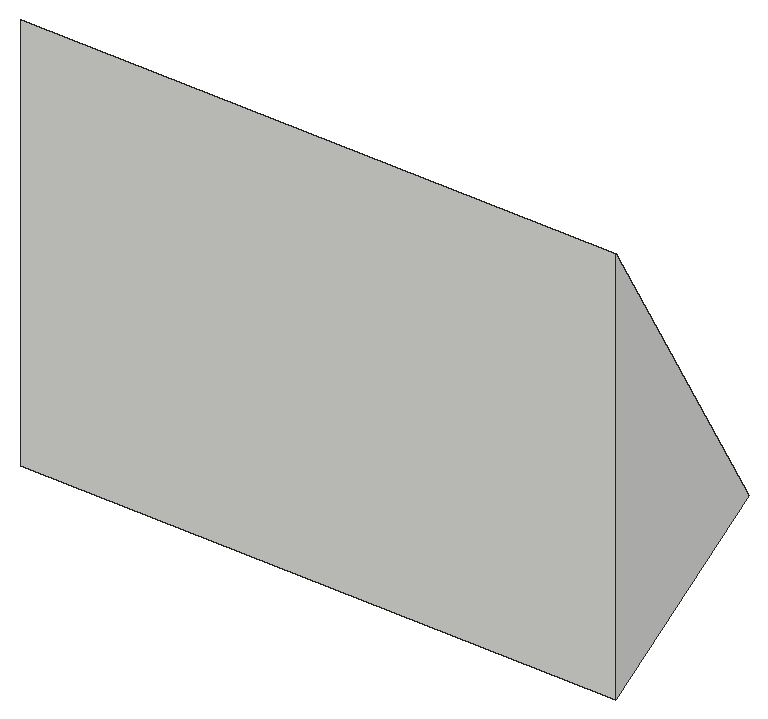
Revit family "TM92931A Triangle ER-AP LED stål Alog_Vegg", category Lighting Fixtures, Revit 2016
Family settings
  Part Type = Normal
  Round Connector Dimension = Use Diameter
  OmniClass Number = 23.80.70.11.21
  OmniClass Title = Emergency Lighting
  Work Plane-Based = No
  Always vertical = Yes
  Cut with Voids When Loaded = No
  Light Source = Yes
  Shared = No
  Room Calculation Point = No
Parameters (values of type "Ledelys")
  Wattage = 9.2903 W
  built-in parameter 1150110 = 1 (stored number, unit not read)
  Type Comments = "-UN"
  built-in parameter 1114217 = 1 (stored number, unit not read)
  Tilt Angle = 90.00°
  built-in parameter 1150109 = 1 (stored number, unit not read)
  built-in parameter 1150134 = 3
  built-in parameter 1150113 = 1 (stored number, unit not read)
  Photometric Web File = "2x4 3Lamp.ies"
  Number of Poles = 1
  Symbol Positive Direction [instance] = yes
  NS8360 = "4432_WT2"
  Manufacturer = "Honeywell"
  built-in parameter 1150105 = 109.82 (stored number, unit not read)
  Lumens = 1380 lm
  built-in parameter 1150115 = 1 (stored number, unit not read)
  built-in parameter 1150137 = (empty or 0)
  built-in parameter 1150139 = (empty or 0)
  built-in parameter 1150112 = 1 (stored number, unit not read)
  built-in parameter 1150114 = 1 (stored number, unit not read)
  Keynote = "WT2"
  built-in parameter 1150132 = (empty or 0)
  built-in parameter 1150102 = (empty or 0)
  built-in parameter 1150107 = 3200 (stored number, unit not read)
  built-in parameter 1150138 = (empty or 0)
  built-in parameter 1150106 = 1.0982 (stored number, unit not read)
  Height = 60 mm
  Voltage = 230 V
  Symbol Offset Side [instance] = 0 mm
  Symbol Offset Out [instance] = 0 mm
  Material = Steel
  Loads [instance] = 0 VA
  Length B = 145 mm
  Length A = 216 mm
  Emit from Rectangle Width = Length B  # 145 mm
  Emit from Rectangle Length = Length A  # 216 mm
  Emit Shape Visible in Rendering = no
  built-in parameter 1150104 = 13.8 (stored number, unit not read)
  Dimming Lamp Color Temperature Shift = <None>
  Color Filter = 16777215
  built-in parameter 1114218 = 1 (stored number, unit not read)
  built-in parameter 1150133 = 10 (stored number, unit not read)
  Assembly Code = "4432"
Reference planes
  plane 1 "Light Source Axis (F/B)": y = 0
  plane 2: z = 0
  plane 3 "Light Source Axis (L/R)": x = 0
  plane 4 "Light Source Elevation": z = 0
  plane 5: z = -72.5
  plane 6: y = 60
  plane 7: x = -108
  plane 8: x = 108
  plane 9: z = 72.5
  plane 10: z = -32.5
Forms (mm)
  Extrusion 1, solid, material "Steel" <- "Material"
    sketch origin (0, 0, 0) x (0, 1, 0) y (0, 0, 1)
      loop
        line (0, 72.5) -> (0, -72.5) -> (60, -32.5) -> (0, 72.5)
    from -108 to 108
  Extrusion 2, void
    sketch origin (0, 33.462, -50.192) x (0, -0.83205, -0.5547) y (-1, 0, 0)
      loop
        line (9.278, 15) -> (-18.965, 5) -> (-18.965, -5) -> (9.278, -15) -> (9.278, 15)
      loop
        line (9.278, 69) -> (-18.965, 59) -> (-18.965, 49) -> (9.278, 39) -> (9.278, 69)
      loop
        line (9.278, -69) -> (9.278, -39) -> (-18.965, -49) -> (-18.965, -59) -> (9.278, -69)
    from -10 to 0
Cuts and joins
  Extrusion 2 cuts Extrusion 1
Lines and regions (mm)
  model lines, style "InvisibleLines"
    curve 1: line (0, 0, 0) -> (0, 0, -69.5)
Dimensions and locks
  plane 4 "Light Source Elevation" to plane 2 = 0 mm
  "Height": plane 6 to plane 1 "Light Source Axis (F/B)"
  equal spacing: plane 9, plane 4 "Light Source Elevation", plane 5
  equal spacing: plane 8, plane 3 "Light Source Axis (L/R)", plane 7
  "Length A": plane 8 to plane 7
  "Length B": plane 9 to plane 5
  plane 10 to plane 5 = 40 mm
  plane 3 "Light Source Axis (L/R)" to plane 7 = 108 mm
  aligned and locked: plane 2 to level
  aligned and locked: plane 1 "Light Source Axis (F/B)" to nested 1
  aligned and locked: plane 3 "Light Source Axis (L/R)" to nested 1
  aligned and locked: plane 6 to imposter light
  aligned and locked: plane 1 "Light Source Axis (F/B)" to Extrusion 1 sketch curve
  aligned and locked: Extrusion 1 to plane 7
  aligned and locked: plane 8 to Extrusion 1
  aligned and locked: cut or joined group of Extrusion 1, Extrusion 2 to cut or joined group of Extrusion 1, Extrusion 2
  aligned and locked: Extrusion 1 to Extrusion 2
Automatic sketch dimensions
  curve 1 to plane 3 "Light Source Axis (L/R)" = 0 mm
  plane 5 to curve 1 = 3 mm
  curve 1 to level = 0 mm
  Extrusion 1 sketch curve to plane 6 = 0 mm
  Extrusion 1 sketch curve to plane 10 = 0 mm
  Extrusion 1 sketch curve to plane 9 = 0 mm
  Extrusion 1 sketch curve to plane 5 = 0 mm
  plane 3 "Light Source Axis (L/R)" to Extrusion 2 sketch curve = 49 mm
  plane 7 to Extrusion 2 sketch curve = 49 mm
  Extrusion 2 sketch curve to Extrusion 2 sketch curve = 0 mm  (x3)
  Extrusion 2 sketch curve to plane 3 "Light Source Axis (L/R)" = 5 mm
  Extrusion 2 sketch curve to plane 3 "Light Source Axis (L/R)" = 15 mm
  Extrusion 2 sketch curve to Extrusion 2 sketch curve = 28.242 mm  (x2)
  Extrusion 2 sketch curve to Extrusion 2 sketch curve = 10 mm  (x4)
  plane 3 "Light Source Axis (L/R)" to Extrusion 2 sketch curve = 15 mm
  plane 3 "Light Source Axis (L/R)" to Extrusion 2 sketch curve = 5 mm
  Extrusion 2 sketch curve to plane 3 "Light Source Axis (L/R)" = 49 mm
  Extrusion 2 sketch curve to plane 3 "Light Source Axis (L/R)" = 39 mm
Nested families
  nested 1: "LedelysS" at (0, 0, 0), type "Type 1"
Connectors
  electrical at (0, 0, 0), driven by "Voltage", driven by "Loads", driven by "Number of Poles", driven by "Loads"
    settings: on plane 4 "Light Source Elevation", index 1, voltage 230 V, apparent load 0 VA, apparent load phase1 0 VA, apparent load phase2 0 VA, apparent load phase3 0 VA, power factor 1, load classification "Lighting", number of poles 1, system type 30, power factor state 1, is connector primary yes, connector utility no, sub classification motor no, connector description ""
Definition of nested family "LedelysS"
  Parameters
    CQ Symbol Positive Direction = yes
    CQ Symbol Negative Direction = not(CQ Symbol Positive Direction)  # no
    CQ Symbol Offset Side = 0 mm
    CQ Symbol Offset Out = 0 mm
  Reference planes
    plane 1: y = 0
    plane 2: x = 0
  Dimensions and locks
    "CQ Symbol Offset Out": plane 1 to nested 1
    "CQ Symbol Offset Out": plane 1 to nested 2
    "CQ Symbol Offset Side": plane 2 to nested 2
    "CQ Symbol Offset Side": nested 1 to plane 2
  Nested families
    nested 1: "LedelysSub" at (0, 0, 0), visible <- "CQ Symbol Negative Direction", type "Type 1"
    nested 2: "LedelysSub" at (0, 0, 0), visible <- "CQ Symbol Positive Direction", type "Type 1"
  Definition of nested family "LedelysSub"
    Reference planes
      plane 1: y = 0
      plane 2: x = 0
    Lines and regions (mm)
      detail lines
        curve 1: line (-4, 0, 0) -> (4, 0, 0)
        curve 2: line (4, 0, 0) -> (4, 4, 0)
        curve 3: line (4, 4, 0) -> (-4, 4, 0)
        curve 4: line (-4, 4, 0) -> (-4, 0, 0)
        curve 5: line (-3.097, 0.75, 0) -> (-0.597, 3.25, 0)
        curve 6: line (-3.097, 3.25, 0) -> (-0.597, 0.75, 0)
        curve 7: circle (-1.847, 2, 0) r 1.2 normal (0, 0, 1)
    Text (mm)
      text "LL" at (2.179, 3.025, 0)
